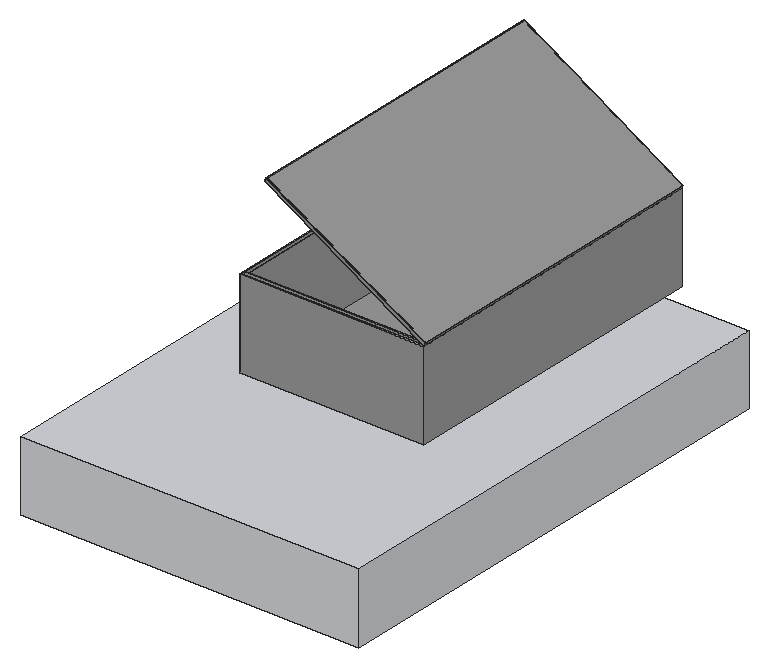
Revit family "Hager-Univers-IP55-D400-H1400-Cl.I-Steel_encl-CH-it", category Equipement électrique, Revit 2020
Family settings
  Hôte = Face
  Configuration du panneau = Deux colonnes, circuits au sein
  Cote de connecteur circulaire = Utiliser le diamètre
  Type d'élément = Tableau de raccordement
  Couper avec des vides une fois chargée = Non
  Partagée = Non
  Point de calcul de pièce = Non
Parameters (values of type "A parete IP55 L800 A1400 P400  - FR93G")
  Width Control [instance] = if([EF000008 - Larghezza] > Min Width, [EF000008 - Larghezza], Min Width)  # 800 mm
  Commentaires du type = [HG000003 - Gamma]  # "Univers"
  Thickness Door [instance] = if([EF009171 - spessore materiale porta/coperchio] > 3 mm, 3 mm, [EF009171 - spessore materiale porta/coperchio])  # 1.5 mm
  Seal Frame Offset [instance] = 17 mm  # constant formula
  Plinth Visibility [instance] = [HG000027 - Altezza dello zoccolo] > 0 mm  # no
  Model = ""
  Min Width [instance] = 100 mm  # constant formula
  Min Height [instance] = 100 mm  # constant formula
  Min Depth [instance] = (2 * [EF009170 - spessore materiale scatola]) + 1 mm  # 4 mm
  Internal Frame Depth [instance] = (Door System Depth * 0.5)  # 9 mm
  Height Control [instance] = if([EF000040 - Altezza] > Min Height, [EF000040 - Altezza], Min Height)  # 1400 mm
  HG000027 - Altezza dello zoccolo = 0 mm
  HG000026 - A pavimento = no
  HG000024 - Altezza della sezione inferiore = 800 mm
  HG000023 - Custodia a doppia sezione = no
  HG000016 - Visibilità delle porte nella vista 3D [instance] = yes
  HG000015 - Visibilità attraverso la porta [instance] = no
  HG000014 - Porta destra [instance] = yes
  HG000013 - Porta sinistra [instance] = not([HG000014 - Porta destra])  # no
  HG000012 - Angolo di apertura della porta [instance] = 30.00°
  HG000010 - Porte asimmetriche = no
  HG000009 - Porta doppia a battente = no
  HG000006 - Ad incasso = no
  HG000004 - Codice produttore = "FR93G"
  HG000003 - Gamma = "Univers"
  HG000002 - Con porta = yes
  Frame Offset Bottom [instance] = 10 mm  # constant formula
  Frame Offset [instance] = 15 mm  # constant formula
  EF015940 - Coprire con rilascio di sovrapressione = no
  EF011959 - tipo di protezione (NEMA) = ""
  EF009554 - numero delle aperture per la piastra della flangia = 6
  Fabricant = "Hager"  # constant formula
  EF009212 - esecuzione coperchio = "EV000116 - chiuso"
  EF009171 - spessore materiale porta/coperchio = 1.5 mm
  EF009170 - spessore materiale scatola = 1.5 mm
  EF008873 - corrente nominale (In) = 800 A
  EF007800 - adatto per parafulmine = no
  EF006306 - con serratura = no
  EF006244 - coperchio/porta trasparente = no
  EF005474 - grado di protezione (IP) = "EV006420 - IP55"
  EF004464 - tipo di porta = "EV002646 - singolo"
  EF004427 - numero di moduli = 324
  EF004293 - resistenza agli urti = "EV008784 - IK10"
  EF003532 - adatto per uso esterno = no
  EF002950 - Numero moduli DIN = 24
  EF001613 - Integrità del circuito = "EV000494 - senza"
  EF001596 - Attacco Lampada = "EV000179 - acciaio"
  EF001131 - profondità interna = 400 mm
  EF001088 - possibilità di applicazione = yes
  EF000437 - numero di ingressi per conduttori = 6
  EF000339 - tipo di copertura = "EV004216 - porta"
  EF000266 - numero di file = 9
  EF000218 - profondità di incasso = 0 mm
  EF000118 - con piastra di montaggio = no
  EF000116 - numero RAL = "7035"
  EF000049 - profondità = 400 mm
  EF000040 - Altezza = 1400 mm
  EF000008 - Larghezza = 800 mm
  EF000007 - colore = "EV000270 - grigio"
  EF000003 - Tipo di montaggio = "EV000384 - A parete"
  Door System Leaf Tolerance [instance] = 1.5 mm  # constant formula
  Door System Depth [instance] = 18 mm  # constant formula
  Door Height [instance] = Height Control - [HG000027 - Altezza dello zoccolo]  # 1400 mm
  Depth Control [instance] = if([EF000049 - profondità] > Min Depth, [EF000049 - profondità], Min Depth)  # 400 mm
  Default Elevation = 0 mm
  Connector Offset [instance] = Height Control / 2  # 700 mm
  Bottom Top Plate Trim [instance] = 1.5 mm  # constant formula
  Plinth height Ctrl [instance] = if([HG000027 - Altezza dello zoccolo] > 0 mm, [HG000027 - Altezza dello zoccolo], 12 mm)  # 12 mm
Types (3, lengths in mm): name | Width Control | HG000009 - Porta doppia a battente | HG000004 - Codice produttore | EF009554 - numero delle aperture per la piastra della flangia | EF004464 - tipo di porta | EF004427 - numero di moduli | EF000437 - numero di ingressi per conduttori | EF000008 - Larghezza
  A parete IP55 L1050 A1400 P400  - FR94G | 1050 | yes | "FR94G" | 8 | "EV003602 - doppio" | 432 | 8 | 1050
  A parete IP55 L550 A1400 P400  - FR92G | 550 | no | "FR92G" | 4 | "EV002646 - singolo" | 216 | 4 | 550
  A parete IP55 L800 A1400 P400  - FR93G | 800 | no | "FR93G" | 6 | "EV002646 - singolo" | 324 | 6 | 800
Reference planes
  plane 1 "Center (Front/Back)": y = 0
  plane 2: z = 0
  plane 3 "Center (Left/Right)": x = 0
  plane 4: z = 400
  plane 5: y = 1.5
  plane 6: y = 700
  plane 7: y = 0
  plane 8: y = 1400
  plane 9: z = 0
  plane 10: x = -385
  plane 11: x = 385
  plane 12: x = 383.5
  plane 13: x = -383.5
  plane 14: y = 1398.5
  plane 15: x = -383
  plane 16: x = -400
  plane 17: x = 383
  plane 18: x = 400
  plane 19: x = 398.5
  plane 20: x = -398.5
  plane 21: y = 11.5
  plane 22: y = 1400
  plane 23: y = 1383.5
  plane 24: z = 382
  plane 25: z = 1.5
  plane 26: z = 380.5
  plane 27: z = 398.5
Forms (mm)
  Extrusion 1, solid
    sketch origin (0, 0, 0) x (1, 0, 0) y (0, 1, 0)
      loop
        line (-702.964, 1305) -> (-702.964, -811.445) -> (766.763, -811.445) -> (766.763, 1305) -> (-702.964, 1305)
    from 0 to -304.8
  Extrusion 2, solid, material "Hager_Steel_RAL7035_Light_Grey", visible <- "Plinth Visibility", detail levels medium+fine
    sketch origin (0, 0, 0) x (1, 0, 0) y (0, 1, 0)
      loop
        line (-400, 0) -> (400, 0) -> (400, 12) -> (-400, 12) -> (-400, 0)
    from 0 to 382
  Extrusion 3, solid, material "Hager_Steel_RAL7035_Light_Grey", detail levels medium+fine
    sketch origin (0, 0, 0) x (1, 0, 0) y (0, 1, 0)
      loop
        line (-400, 0) -> (400, 0) -> (400, 1400) -> (-400, 1400) -> (-400, 0)
    from 0 to 382
  Extrusion 4, void
    sketch origin (0, 0, 0) x (1, 0, 0) y (0, 1, 0)
      loop
        line (-398.5, 1.5) -> (398.5, 1.5) -> (398.5, 1398.5) -> (-398.5, 1398.5) -> (-398.5, 1.5)
    from 1.5 to 380.5
  Extrusion 5, void
    sketch origin (-381.607, -4572, 382) x (0, -1, 0) y (-1, 0, 0)
      loop
        line (-4583.5, 1.893) -> (-5955.5, 1.893) -> (-5955.5, -765.107) -> (-4583.5, -765.107) -> (-4583.5, 1.893)
    from 0 to 1.5 <- "EF009170 - spessore materiale scatola"
  Extrusion 6, solid, material "Hager_Steel_RAL7035_Light_Grey", detail levels fine
    sketch origin (0, 0, 382) x (1, 0, 0) y (0, 1, 0)
      loop
        line (-383.5, 1383.5) -> (-383.5, 11.5) -> (383.5, 11.5) -> (383.5, 1383.5) -> (-383.5, 1383.5)
      loop
        line (-385, 10) -> (385, 10) -> (385, 1385) -> (-385, 1385) -> (-385, 10)
    from 0 to 9 <- "Internal Frame Depth"
  Extrusion 7, solid, material "Hager_Steel_RAL7035_Light_Grey", detail levels coarse
    sketch origin (0, 0, 0) x (1, 0, 0) y (0, 1, 0)
      loop
        line (-400, 0) -> (400, 0) -> (400, 1400) -> (-400, 1400) -> (-400, 0)
    from 0 to 400
  Sweep 8, void
    path in 3D
      loop
        line (-400, 12, 0) -> (400, 12, 0) -> (400, 12, 382) -> (-400, 12, 382) -> (-400, 12, 0)
    profile origin (-400, 12, 191) x (-1, 0, 0) y (0, -1, 0)
      loop
        line (0, 0) -> (0, 1.5) -> (-1.5, 1.5)
        arc (-1.5, 1.5) -> (-1.061, 0.439) -> (0, 0) r 1.5
Cuts and joins
  Extrusion 4, Extrusion 5 cuts Extrusion 3
  Sweep 8 cuts Extrusion 2
Lines and regions (mm)
  Masking region 1
    outline origin (0, 0, 0) x (1, 0, 0) y (0, 0, 1)
      loop
        line (-400, 400) -> (-400, 0) -> (400, 0) -> (400, 400) -> (-400, 400)
  Masking region 2, detail levels medium+fine
    outline origin (0, 140, 0) x (0, 1, 0) y (0, 0, 1)
      loop
        line (-140, 0) -> (1260, 0) -> (1260, 382) -> (-140, 382) -> (-140, 0)
  Masking region 3, not visible, detail levels medium+fine
    outline origin (0, 297.922, 0) x (0, 1, 0) y (0, 0, 1)
      loop
        line (413.578, 0) -> (453.578, 0) -> (453.578, 388.5)
        arc (453.578, 388.5) -> (450.649, 395.571) -> (443.578, 398.5) r 10
        line (443.578, 398.5) -> (413.578, 398.5) -> (413.578, 0)
  Masking region 4, detail levels coarse
    outline origin (0, 0, 180) x (0, 1, 0) y (0, 0, 1)
      loop
        line (0, -180) -> (1400, -180) -> (1400, 220) -> (0, 220) -> (0, -180)
  Masking region 5, visible <- "Plinth Visibility", detail levels medium+fine
    outline origin (0, 52.24, 12.345) x (0, 0, -1) y (0, 1, 0)
      loop
        line (10.845, -40.24) -> (-368.155, -40.24)
        arc (-368.155, -40.24) -> (-368.594, -41.301) -> (-369.655, -41.74) r 1.5
        line (-369.655, -41.74) -> (-369.655, -52.24) -> (12.345, -52.24) -> (12.345, -41.74)
        arc (12.345, -41.74) -> (11.285, -41.301) -> (10.845, -40.24) r 1.5
  Masking region 6, detail levels medium+fine
    outline origin (-381.607, -4572, 382) x (-1, 0, 0) y (0, -1, 0)
      loop
        line (18.393, -5972) -> (18.393, -4572) -> (-781.607, -4572) -> (-781.607, -5972) -> (18.393, -5972)
  Masking region 7, visible <- "Plinth Visibility", detail levels medium+fine
    outline origin (-381.607, -4727, 382) x (-1, 0, 0) y (0, -1, 0)
      loop
        arc (16.893, -4739) -> (17.332, -4737.939) -> (18.393, -4737.5) r 1.5
        line (18.393, -4737.5) -> (18.393, -4727) -> (-781.607, -4727) -> (-781.607, -4737.5)
        arc (-781.607, -4737.5) -> (-780.546, -4737.939) -> (-780.107, -4739) r 1.5
        line (-780.107, -4739) -> (16.893, -4739)
  Masking region 8, detail levels coarse
    outline origin (-442.548, -4669.526, 382) x (-1, 0, 0) y (0, -1, 0)
      loop
        line (-42.548, -6069.526) -> (-42.548, -4669.526) -> (-842.548, -4669.526) -> (-842.548, -6069.526) -> (-42.548, -6069.526)
  sketch lines
    curve 1: line (-400, 12, 382) -> (-400, 12, 0)
    curve 2: line (400, 12, 382) -> (-400, 12, 382)
    curve 3: line (400, 12, 382) -> (400, 12, 0)
    curve 4: line (-400, 12, 0) -> (400, 12, 0)
Dimensions and locks
  "Depth Control": plane 4 to Extrusion 1
  "HG000027 - Altezza dello zoccolo": plane 1 "Center (Front/Back)" to plane 7
  "EF009170 - spessore materiale scatola": plane 5 to plane 7
  locked: connector elem to plane 3 "Center (Left/Right)"
  equal spacing: plane 8, plane 6, plane 7
  locked: connector elem to plane 6
  "EF009170 - spessore materiale scatola": plane 8 to plane 14
  "EF009170 - spessore materiale scatola": plane 10 to plane 13
  "EF009170 - spessore materiale scatola": plane 12 to plane 11
  "Frame Offset": plane 20 to plane 13
  "Frame Offset": plane 12 to plane 19
  "EF009170 - spessore materiale scatola": plane 16 to plane 20
  "EF009170 - spessore materiale scatola": plane 19 to plane 18
  "Seal Frame Offset": plane 16 to plane 15
  "Seal Frame Offset": plane 17 to plane 18
  "Frame Offset Bottom": plane 21 to plane 5
  "Frame Offset": plane 14 to plane 23
  equal spacing: plane 16, plane 3 "Center (Left/Right)", plane 18
  "Width Control": plane 16 to plane 18
  "EF009170 - spessore materiale scatola": plane 4 to plane 27
  "EF009170 - spessore materiale scatola": plane 24 to plane 26
  "EF009170 - spessore materiale scatola": plane 25 to level
  "Door System Depth": plane 4 to plane 24
  "Height Control": plane 1 "Center (Front/Back)" to Extrusion 7 sketch curve
  "Height Control": Masking region 4 sketch curve to plane 1 "Center (Front/Back)"
  "Height Control": plane 1 "Center (Front/Back)" to plane 22
  "Bottom Top Plate Trim": profile plane to Sweep 8 sketch curve
  "Bottom Top Plate Trim": Sweep 8 sketch curve to profile plane
  "Plinth height Ctrl": plane 1 "Center (Front/Back)" to Extrusion 2 sketch curve
  "Plinth height Ctrl": Masking region 5 sketch curve to plane 1 "Center (Front/Back)"
  "Plinth height Ctrl": plane 1 "Center (Front/Back)" to Masking region 7 sketch curve
  "Thickness Door": Extrusion 6 sketch curve to Extrusion 6 sketch curve  (x3)
  "Thickness Door": cut or joined group of Extrusion 3, Extrusion 4, Extrusion 5 to Extrusion 6 sketch curve
  radius of Masking region 3 sketch curve = 10 mm
  "Bottom Top Plate Trim": radius of Masking region 5 sketch curve  (x2)
  "Bottom Top Plate Trim": radius of Sweep 8 sketch curve
  "Bottom Top Plate Trim": radius of Masking region 7 sketch curve  (x2)
  aligned and locked: plane 2 to Extrusion 1
  aligned and locked: level to Extrusion 1
  aligned and locked: level to Masking region 1 sketch curve
  aligned and locked: Masking region 1 sketch curve to plane 18
  aligned and locked: Masking region 1 sketch curve to plane 16
  aligned and locked: plane 7 to Masking region 2 sketch curve
  aligned and locked: level to Masking region 3 sketch curve
  aligned and locked: Masking region 3 sketch curve to plane 27
  aligned and locked: level to Masking region 2 sketch curve
  aligned and locked: plane 1 "Center (Front/Back)" to Extrusion 2 sketch curve
  aligned and locked: Extrusion 3 sketch curve to plane 7
  aligned and locked: plane 16 to Extrusion 3 sketch curve
  aligned and locked: plane 18 to Extrusion 3 sketch curve
  aligned and locked: plane 20 to Extrusion 4 sketch curve
  aligned and locked: plane 19 to Extrusion 4 sketch curve
  aligned and locked: Extrusion 4 sketch curve to plane 5
  aligned and locked: Extrusion 4 to plane 25
  aligned and locked: plane 26 to Extrusion 4
  aligned and locked: plane 24 to Extrusion 3
  aligned and locked: Extrusion 5 sketch curve to plane 21
  aligned and locked: Extrusion 5 sketch curve to plane 13
  aligned and locked: Extrusion 5 sketch curve to plane 12
  aligned and locked: plane 18 to Extrusion 7 sketch curve
  aligned and locked: plane 1 "Center (Front/Back)" to Extrusion 7 sketch curve
  aligned and locked: plane 16 to Extrusion 7 sketch curve
  aligned and locked: plane 4 to Extrusion 7
  aligned and locked: Extrusion 7 to level
  aligned and locked: level to Masking region 4 sketch curve
  aligned and locked: Masking region 4 sketch curve to plane 1 "Center (Front/Back)"
  aligned and locked: Masking region 4 sketch curve to plane 4
  aligned and locked: nested 1 to level
  aligned and locked: nested 1 to plane 16
  aligned and locked: plane 8 to Extrusion 3 sketch curve
  aligned and locked: plane 23 to Extrusion 5 sketch curve
  aligned and locked: plane 14 to Extrusion 4 sketch curve
  aligned and locked: Masking region 2 sketch curve to plane 8
  aligned and locked: level to Masking region 5 sketch curve
  aligned and locked: plane 16 to Extrusion 2 sketch curve
  aligned and locked: plane 18 to Extrusion 2 sketch curve
  aligned and locked: Masking region 5 sketch curve to plane 24
  aligned and locked: Masking region 2 sketch curve to plane 24
  aligned and locked: plane 24 to Extrusion 2
  aligned and locked: profile plane to Sweep 8 sketch curve  (x2)
  aligned and locked: Masking region 6 sketch curve to plane 18
  aligned and locked: Masking region 6 sketch curve to plane 22
  aligned and locked: Masking region 6 sketch curve to plane 16
  aligned and locked: plane 8 to plane 22
  aligned and locked: Masking region 6 sketch curve to plane 7
  aligned and locked: Masking region 7 sketch curve to plane 16
  aligned and locked: Masking region 7 sketch curve to plane 1 "Center (Front/Back)"
  aligned and locked: Masking region 7 sketch curve to plane 18
  aligned and locked: Masking region 8 sketch curve to plane 1 "Center (Front/Back)"
  aligned and locked: Masking region 8 sketch curve to plane 18
  aligned and locked: Masking region 8 sketch curve to plane 22
  aligned and locked: Masking region 8 sketch curve to plane 16
  aligned and locked: nested 2 to plane 7
  aligned and locked: plane 3 "Center (Left/Right)" to nested 2
  aligned and locked: nested 2 to plane 24
  aligned and locked: Extrusion 6 sketch curve to cut or joined group of Extrusion 3, Extrusion 4, Extrusion 5  (x4)
Automatic sketch dimensions
  Extrusion 1 sketch curve to Extrusion 1 sketch curve = 1469.727 mm
  Extrusion 1 sketch curve to Extrusion 1 sketch curve = 2116.445 mm
  Masking region 1 sketch curve to plane 4 = 0 mm
  plane 6 to Masking region 3 sketch curve = 11.5 mm
  Masking region 3 sketch curve to Masking region 3 sketch curve = 30 mm
  Masking region 5 sketch curve to plane 1 "Center (Front/Back)" = 0 mm
Nested families
  nested 1: "Hager_Enclosure_Symbol" at (-400, 0, 0) x (1, 0, 0) z (0, -1, 0), Height <- "Depth Control", Width <- "Width Control", type "Hager_Enclosure_Symbol"
    with Width_Ctrl 800 mm, Width 800 mm, Height_Ctrl 400 mm, Height 400 mm, A_Width_Int 26.25 mm, A_Width 315 mm, A_Height_Ctrl 350 mm, A_Height 350 mm
  nested 2: "EC000058_Univers_Door" at (0, 0, 382) x (1, 0, 0) z (0, 1, 0), Leaf_Tolerance <- "Door System Leaf Tolerance", Angle <- "HG000012 - Angolo di apertura della porta", Door_Depth <- "Door System Depth", Door_Left <- "HG000013 - Porta sinistra", Transparent <- "EF006244 - coperchio/porta trasparente", Assymetrical <- "HG000010 - Porte asimmetriche", Width <- "Width Control", Clearance <- "HG000015 - Visibilità attraverso la porta", Double <- "HG000009 - Porta doppia a battente", 3d_Door <- "HG000016 - Visibilità delle porte nella vista 3D", Lock_Visibility <- "EF006306 - con serratura", Width_Ctrl <- "Width Control", Door_Right <- "HG000014 - Porta destra", Door <- "HG000002 - Con porta", Height <- "Door Height", Thickness <- "Thickness Door", type "EC000058_Univers_Door", detail levels medium+fine
    with min_wh 4 mm, Width_Ctrl 800 mm, Width 800 mm, Transparent no, Thickness 1.5 mm, Seal_Material Hager_Rubber, Lock_Visibility no, Lock_Material Hager_Plastic_RAL9005_Jet_Black, Leaf_Width 800 mm, Leaf_Tolerance_External_Sides 0 mm, Leaf_Tolerance 1.5 mm, Leaf_Offset 0 mm, Leaf_Height 1397 mm, Leaf_2_Width 800 mm, Leaf_2_Offset 400 mm, Leaf_1_Width 800 mm, Leaf_1_Offset 400 mm, Height_Ctrl 1400 mm, Height 1400 mm, Glass_Material Hager_Glass, Double_Clearance_Ctrl no, Double no, Door_Right_Ctrl yes, Door_Right yes, Door_Material Hager_Steel_RAL7035_Light_Grey, Door_Left_Ctrl no, Door_Left no, Door_Depth 18 mm, Door yes, Clearance_Material Hager_Clearance, Clearance_Depth 800 mm, Clearance_Ctrl no, Clearance no, Assymetrical no, Angle 30.00°, 3d_Door yes
Connectors
  electrical at (0, 700, 0)
    settings: on plane 9, index 1, voltage 0 V, apparent load 0 VA, apparent load phase1 0 VA, apparent load phase2 0 VA, apparent load phase3 0 VA, power factor 1, load classification "Other", number of poles 1, system type 30, power factor state 1, is connector primary yes, connector utility no, sub classification motor no, connector description ""
Definition of nested family "EC000058_Univers_Door"
  Parameters (values of type "EC000058_Univers_Door")
    min_wh [instance] = (2 * Thickness) + 1 mm  # 11 mm
    Width_Ctrl [instance] = 400 mm
    Width [instance] = 500 mm
    Transparent [instance] = yes
    Thickness [instance] = 5 mm
    Seal_Material [instance] = none
    Lock_Visibility [instance] = yes
    Lock_Material [instance] = none
    Leaf_Width [instance] = if((Width_Ctrl - 2 * Leaf_Tolerance_External_Sides) > 0 mm, (Width_Ctrl - 2 * Leaf_Tolerance_External_Sides), min_wh)  # 400 mm
    Leaf_Tolerance_External_Sides [instance] = 0 mm  # constant formula
    Leaf_Tolerance [instance] = 1.5 mm
    Leaf_Offset [instance] = 0 mm  # constant formula
    Leaf_Height [instance] = if((Height_Ctrl - 2 * Leaf_Tolerance) > 0 mm, (Height_Ctrl - 2 * Leaf_Tolerance), min_wh)  # 497 mm
    Leaf_2_Width [instance] = if(and(and(Double, Assymetrical), Door_Left), (Leaf_Width / 3) - (Leaf_Tolerance / 2), if(and(and(Double, Assymetrical), Door_Right), (Leaf_Width / 3) * 2 - (Leaf_Tolerance / 2), if(and(Double, not(Assymetrical)), (Leaf_Width / 2) - Leaf_Tolerance, Leaf_Width)))  # 400 mm
    Leaf_2_Offset [instance] = if(and(Double, Assymetrical), Leaf_2_Width / 2, if(and(Double, not(Assymetrical)), Leaf_Width / 4, Leaf_Width / 2))  # 200 mm
    Leaf_1_Width [instance] = if(and(and(Double, Assymetrical), Door_Right), (Leaf_Width / 3) - (Leaf_Tolerance / 2), if(and(and(Double, Assymetrical), Door_Left), (Width / 3) * 2 - (Leaf_Tolerance / 2), if(and(Double, not(Assymetrical)), (Leaf_Width / 2) - Leaf_Tolerance, Leaf_Width)))  # 400 mm
    Leaf_1_Offset [instance] = if(and(Double, Assymetrical), Leaf_1_Width / 2, if(and(Double, not(Assymetrical)), Leaf_Width / 4, Leaf_Width / 2))  # 200 mm
    Height_Ctrl [instance] = if(Height > min_wh, Height, min_wh)  # 500 mm
    Height [instance] = 500 mm
    Glass_Material [instance] = none
    Double_Clearance_Ctrl [instance] = and(Double, Clearance)  # no
    Double [instance] = no
    Door_Right_Ctrl [instance] = and(or(Door_Right, Double), Door)  # yes
    Door_Right [instance] = yes
    Door_Material [instance] = none
    Door_Left_Ctrl [instance] = and(or(Door_Left, Double), Door)  # no
    Door_Left [instance] = no
    Door_Depth [instance] = 30 mm
    Door [instance] = yes
    Default Elevation = 1219.2 mm
    Clearance_Material [instance] = none
    Clearance_Depth [instance] = if(Leaf_1_Width > Leaf_2_Width, Leaf_1_Width, Leaf_2_Width)  # 400 mm
    Clearance_Ctrl [instance] = and(not(Double), Clearance)  # yes
    Clearance [instance] = yes
    Assymetrical [instance] = yes
    Angle [instance] = 30.00°
    3d_Door [instance] = yes
  Reference planes
    plane 1 "Center (Front/Back)": y = 0
    plane 2 "Bottom": z = 0
    plane 3 "Center (Left/Right)": x = 0
    plane 4: z = 500
    plane 5: x = -200
    plane 6: x = 200
    plane 7: z = 500
    plane 8: x = -200
    plane 9: z = 0
    plane 10: x = 200
    plane 11: y = 0
    plane 12: z = 1.5
    plane 13: x = -600
    plane 14: y = -400
    plane 15: x = 600
    plane 16: x = 0
    plane 17: x = 0
    plane 18: x = -200
    plane 19: x = 200
    plane 20: z = 498.5
  Forms (mm)
    Extrusion 1, solid, material <- "Clearance_Material", visible <- "Double_Clearance_Ctrl"
      sketch origin (1200, 0, 0) x (1, 0, 0) y (0, 0, -1)
        loop
          line (-1800, -498.5) -> (-600, -498.5) -> (-600, 0) -> (-1800, 0) -> (-1800, -498.5)
      from 0 to -400
  Dimensions and locks
    equal spacing: plane 5, plane 3 "Center (Left/Right)", plane 6
    "Width_Ctrl": plane 5 to plane 6
    "Leaf_Offset": plane 5 to plane 8
    "Leaf_Offset": plane 6 to plane 10
    "Leaf_Offset": plane 9 to level
    "Leaf_Offset": plane 4 to plane 7
    "Height_Ctrl": plane 4 to level
    "Leaf_Tolerance": plane 12 to plane 9
    locked: plane 11 to plane 1 "Center (Front/Back)"
    "Leaf_1_Offset": plane 18 to plane 16
    "Leaf_2_Offset": plane 17 to plane 19
    "Leaf_1_Width": plane 13 to plane 8
    "Leaf_2_Width": plane 10 to plane 15
    "Clearance_Depth": plane 14 to plane 1 "Center (Front/Back)"
    "Leaf_Tolerance_External_Sides": plane 8 to plane 18
    "Leaf_Tolerance_External_Sides": plane 19 to plane 10
    "Leaf_Tolerance": plane 7 to plane 20
    aligned and locked: level to plane 2 "Bottom"
    aligned and locked: nested 1 to plane 16
    aligned and locked: nested 2 to plane 17
    aligned and locked: Extrusion 1 to plane 13
    aligned and locked: plane 15 to Extrusion 1
    aligned and locked: Extrusion 1 to plane 14
    aligned and locked: plane 12 to nested 1
    aligned and locked: nested 2 to plane 12
    aligned and locked: Extrusion 1 to plane 11
    aligned and locked: plane 20 to Extrusion 1
    aligned and locked: nested 2 to plane 11
    aligned and locked: nested 1 to plane 11
  Automatic sketch dimensions
    Extrusion 1 sketch curve to level = 0 mm
    plane 5 to Extrusion 1 sketch curve = 400 mm
    plane 6 to Extrusion 1 sketch curve = 400 mm
    Extrusion 1 sketch curve to plane 4 = 1.5 mm
  Nested families
    nested 1: "EC000058_Univers_Door_Leaf" at (0, 0, 1.5), Width <- "Leaf_1_Width", visible <- "Door_Left_Ctrl", Leaf_Height <- "Leaf_Height", Angle <- "Angle", 3d_Door <- "3d_Door", Transparent <- "Transparent", Clearance Material <- "Clearance_Material", Clearance <- "Clearance_Ctrl", Door_Material <- "Door_Material", Glass_Material <- "Glass_Material", Door_Depth <- "Door_Depth", Lock_Material <- "Lock_Material", Seal_Material <- "Seal_Material", Lock_Visibility <- "Lock_Visibility", Thickness <- "Thickness", type "EC000058_Univers_Door_Leaf"
      with Width 400 mm, Transparent_Glass_Offset 30 mm, Transparent_Ctrl yes, Transparent yes, Thickness 5 mm, Standard no, Seal_Material none, Seal_D2 8 mm, Seal_D1 1 mm, Offset_Internal_Frame 10 mm, Lock_Width 20 mm, Lock_Visibility_3d yes, Lock_Visibility yes, Lock_Thickness_3 3 mm, Lock_Thickness_2 1 mm, Lock_Thickness_1 3 mm, Lock_Radius_Offset_2 16 mm, Lock_Radius_Offset_1 15 mm, Lock_Radius_2 5 mm, Lock_Radius 6 mm, Lock_Offset 5 mm, Lock_Material none, Lock_Height 80 mm, Lock_Cover_Top_Offset_2d 17 mm, Lock_Cover_Height -65 mm, Leaf_Height 497 mm, Internal_Seal_Thickness 8 mm, Internal_Seal_Depth_2 4.5 mm, Internal_Frame_Depth 25 mm, Glass_Thickness -1 mm, Glass_Offset -2 mm, Glass_Material none, Door_Material none, Door_Depth 30 mm, Clearance Material none, Clearance yes, Angle_Ctrl 30.00°, Angle 30.00°, 3d_Door yes
    nested 2: "EC000058_Univers_Door_Leaf" at (0, 0, 1.5) x (-1, 0, 0) z (0, 0, 1), Width <- "Leaf_2_Width", visible <- "Door_Right_Ctrl", Leaf_Height <- "Leaf_Height", Angle <- "Angle", 3d_Door <- "3d_Door", Transparent <- "Transparent", Clearance Material <- "Clearance_Material", Clearance <- "Clearance_Ctrl", Door_Material <- "Door_Material", Glass_Material <- "Glass_Material", Door_Depth <- "Door_Depth", Lock_Material <- "Lock_Material", Seal_Material <- "Seal_Material", Lock_Visibility <- "Lock_Visibility", Thickness <- "Thickness", type "EC000058_Univers_Door_Leaf"
      with Width 400 mm, Transparent_Glass_Offset 30 mm, Transparent_Ctrl yes, Transparent yes, Thickness 5 mm, Standard no, Seal_Material none, Seal_D2 8 mm, Seal_D1 1 mm, Offset_Internal_Frame 10 mm, Lock_Width 20 mm, Lock_Visibility_3d yes, Lock_Visibility yes, Lock_Thickness_3 3 mm, Lock_Thickness_2 1 mm, Lock_Thickness_1 3 mm, Lock_Radius_Offset_2 16 mm, Lock_Radius_Offset_1 15 mm, Lock_Radius_2 5 mm, Lock_Radius 6 mm, Lock_Offset 5 mm, Lock_Material none, Lock_Height 80 mm, Lock_Cover_Top_Offset_2d 17 mm, Lock_Cover_Height -65 mm, Leaf_Height 497 mm, Internal_Seal_Thickness 8 mm, Internal_Seal_Depth_2 4.5 mm, Internal_Frame_Depth 25 mm, Glass_Thickness -1 mm, Glass_Offset -2 mm, Glass_Material none, Door_Material none, Door_Depth 30 mm, Clearance Material none, Clearance yes, Angle_Ctrl 30.00°, Angle 30.00°, 3d_Door yes
  Definition of nested family "EC000058_Univers_Door_Leaf"
    Parameters (values of type "EC000058_Univers_Door_Leaf")
      Width [instance] = 2000 mm
      Transparent_Glass_Offset [instance] = 30 mm
      Transparent_Ctrl [instance] = and(Transparent, [3d_Door])  # yes
      Transparent [instance] = yes
      Thickness [instance] = 5 mm
      Standard [instance] = and(not(Transparent), [3d_Door])  # no
      Seal_Material [instance] = none
      Seal_D2 [instance] = 8 mm  # constant formula
      Seal_D1 [instance] = 1 mm  # constant formula
      Offset_Internal_Frame [instance] = 10 mm  # constant formula
      Lock_Width [instance] = 20 mm  # constant formula
      Lock_Visibility_3d [instance] = and(Lock_Visibility, [3d_Door])  # yes
      Lock_Visibility [instance] = yes
      Lock_Thickness_3 [instance] = 3 mm  # constant formula
      Lock_Thickness_2 [instance] = 1 mm  # constant formula
      Lock_Thickness_1 [instance] = 3 mm  # constant formula
      Lock_Radius_Offset_2 [instance] = Lock_Radius_Offset_1 + 1 mm  # 16 mm
      Lock_Radius_Offset_1 [instance] = 15 mm  # constant formula
      Lock_Radius_2 [instance] = Lock_Radius - 1 mm  # 5 mm
      Lock_Radius [instance] = 6 mm  # constant formula
      Lock_Offset [instance] = 5 mm  # constant formula
      Lock_Material [instance] = none
      Lock_Height [instance] = 80 mm  # constant formula
      Lock_Cover_Top_Offset_2d [instance] = Lock_Radius_Offset_2 + 1 mm  # 17 mm
      Lock_Cover_Height [instance] = -(Lock_Height - Lock_Radius_Offset_1)  # -65 mm
      Leaf_Height [instance] = 2720.336 mm
      Internal_Seal_Thickness [instance] = 8 mm  # constant formula
      Internal_Seal_Depth_2 [instance] = 4.5 mm  # constant formula
      Internal_Frame_Depth [instance] = if(Door_Depth - Thickness > 5 mm, Door_Depth - Thickness, 5 mm)  # 25 mm
      Glass_Thickness [instance] = if(Thickness > 15 mm, Glass_Offset + 10 mm, -1 mm)  # -1 mm
      Glass_Offset [instance] = if(Thickness > 15 mm, -(Thickness + 10 mm) / 2, -2 mm)  # -2 mm
      Glass_Material [instance] = none
      Door_Material [instance] = none
      Door_Depth [instance] = 30 mm
      Default Elevation = 0 mm
      Clearance Material [instance] = none
      Clearance [instance] = yes
      Angle_Ctrl [instance] = if(Angle > 180.00°, 180.00°, Angle)  # 90.00°
      Angle [instance] = 90.00°
      3d_Door [instance] = yes
    Reference planes
      plane 1 "Center (Front/Back)": y = 0
      plane 2: z = 0
      plane 3 "Center (Left/Right)": x = 0
      plane 4: y = 2000
      plane 5: x = -1000
      plane 6: x = 1000
      plane 7: x = -3000
      plane 8: z = 2720.336
      plane 9: z = 30
      plane 10: z = 2690.336
      plane 11: x = 970
      plane 12: x = -970
      plane 13: y = -3
      plane 14: z = 107.833
      plane 15: y = -5
      plane 16: y = -223.314
      plane 17: x = -1000
      plane 18: z = 1360.168
      plane 19: y = 30
    Forms (mm)
      Extrusion 1, solid, material <- "Clearance Material", visible <- "Clearance"
        sketch origin (0, 0, 0) x (1, 0, 0) y (0, 0, 1)
          loop
            line (-3000, 2720.336) -> (-3000, 0) -> (1000, 0) -> (1000, 2720.336) -> (-3000, 2720.336)
        from 0 to -2000
      Extrusion 2, solid, material <- "Door_Material", visible <- "Standard", detail levels medium+fine
        sketch origin (-1000, 0, 0) x (0, 1, 0) y (-1, 0, 0)
          loop
            line (0, 30) -> (0, 25) -> (2000, 25) -> (2000, 30) -> (0, 30)
        from 0 to 2720.336 <- "Leaf_Height"
      Extrusion 3, solid, material <- "Door_Material", visible <- "Transparent_Ctrl", detail levels medium+fine
        sketch origin (-1000, 0, 0) x (0, 1, 0) y (-1, 0, 0)
          loop
            line (0, 25) -> (2000, 25) -> (2000, 30) -> (0, 30) -> (0, 25)
        from 0 to 2720.336 <- "Leaf_Height"
      Extrusion 4, void
        sketch origin (-1025, 2000, 0) x (0, 1, 0) y (0, 0, -1)
          loop
            line (-30, -2690.336) -> (-30, -30) -> (-1970, -30) -> (-1970, -2690.336) -> (-30, -2690.336)
        from 0 to 5 <- "Thickness"
      Sweep 5, solid, material <- "Seal_Material", visible <- "Transparent_Ctrl", detail levels fine
        path in 3D
          loop
            line (-1025, 30, 30) -> (-1025, 30, 2690.336) -> (-1025, 1970, 2690.336) -> (-1025, 1970, 30) -> (-1025, 30, 30)
        profile origin (-1025, 1000, 30) x (1, 0, 0) y (0, 0, 1)
          loop
            line (0, 0) -> (0, -8) -> (1, -8) -> (1, 0) -> (0, 0)
      Extrusion 6, solid, material <- "Glass_Material", visible <- "Transparent_Ctrl", detail levels medium+fine
        sketch origin (-1030, 0, 0) x (0, 1, 0) y (0, 0, -1)
          loop
            line (1970, -2690.336) -> (1970, -30) -> (30, -30) -> (30, -2690.336) -> (1970, -2690.336)
        from -2 <- "Glass_Offset" to -1 <- "Glass_Thickness"
      Extrusion 7, solid, material <- "Door_Material", visible <- "3d_Door", detail levels medium+fine
        sketch origin (-1025, 2000, 0) x (0, -1, 0) y (0, 0, -1)
          loop
            line (0, -2720.336) -> (2000, -2720.336) -> (2000, 0) -> (0, 0) -> (0, -2720.336)
          loop
            line (1995, -5) -> (5, -5) -> (5, -2715.336) -> (1995, -2715.336) -> (1995, -5)
        from 0 to 25 <- "Internal_Frame_Depth"
      Sweep 8, solid, material <- "Seal_Material", visible <- "Transparent_Ctrl", detail levels fine
        path in 3D
          loop
            line (-1025, 0, 0) -> (-1025, 2000, 0) -> (-1025, 2000, 2720.336) -> (-1025, 0, 2720.336) -> (-1025, 0, 0)
        profile origin (-1025, 0, 1360.168) x (1, 0, 0) y (0, 1, 0)
          loop
            line (0, 10) -> (2.975, 10)
            arc (2.975, 10) -> (4.053, 10.447) -> (4.5, 11.525) r 1.525
            line (4.5, 11.525) -> (4.5, 16.527)
            arc (4.5, 16.527) -> (4.069, 17.569) -> (3.027, 18) r 1.473
            line (3.027, 18) -> (0, 18) -> (0, 10)
      Extrusion 9, solid, material <- "Lock_Material", visible <- "Lock_Visibility_3d", detail levels fine
        sketch origin (-1030, 0, 0) x (0, 1, 0) y (0, 0, -1)
          loop
            arc (1993.5, -1400.168) -> (1994.561, -1399.729) -> (1995, -1398.668) r 1.5
            line (1995, -1398.668) -> (1995, -1320.168) -> (1975, -1320.168) -> (1975, -1398.668)
            arc (1975, -1398.668) -> (1975.439, -1399.729) -> (1976.5, -1400.168) r 1.5
            line (1976.5, -1400.168) -> (1993.5, -1400.168)
        from 3 <- "Lock_Thickness_1" to 0
      Blend 10, solid, material <- "Lock_Material", visible <- "Lock_Visibility_3d", detail levels fine
        base sketch origin (-1033, 0, 0) x (0, 1, 0) y (0, 0, -1)
          loop
            line (1975, -1320.168) -> (1975, -1398.668)
            arc (1975, -1398.668) -> (1975.439, -1399.729) -> (1976.5, -1400.168) r 1.5
            line (1976.5, -1400.168) -> (1993.5, -1400.168)
            arc (1993.5, -1400.168) -> (1994.561, -1399.729) -> (1995, -1398.668) r 1.5
            line (1995, -1398.668) -> (1995, -1320.168) -> (1975, -1320.168)
        top sketch origin (-1033, 0, 0) x (0, 1, 0) y (0, 0, -1)
          loop
            line (1976, -1320.168) -> (1976, -1398.668)
            arc (1976, -1398.668) -> (1976.146, -1399.022) -> (1976.5, -1399.168) r 0.5
            line (1976.5, -1399.168) -> (1993.5, -1399.168)
            arc (1993.5, -1399.168) -> (1993.854, -1399.022) -> (1994, -1398.668) r 0.5
            line (1994, -1398.668) -> (1994, -1320.168) -> (1976, -1320.168)
        from 0 to 1 <- "Lock_Thickness_2"
      Blend 11, solid, material <- "Lock_Material", visible <- "Lock_Visibility_3d", detail levels fine
        base sketch origin (-1034, 0, 0) x (0, 1, 0) y (0, 0, -1)
          loop
            line (1978, -1320.168) -> (1978, -1384.168)
            arc (1978, -1384.168) -> (1985, -1391.168) -> (1992, -1384.168) r 7
            line (1992, -1384.168) -> (1992, -1320.168) -> (1978, -1320.168)
        top sketch origin (-1034, 0, 0) x (0, 1, 0) y (0, 0, -1)
          loop
            line (1991, -1320.168) -> (1979, -1320.168) -> (1979, -1383.168)
            arc (1979, -1383.168) -> (1985, -1389.168) -> (1991, -1383.168) r 6
            line (1991, -1383.168) -> (1991, -1320.168)
        from 0 to 3 <- "Lock_Thickness_3"
      Extrusion 12, solid, material <- "Lock_Material", visible <- "Lock_Visibility_3d", detail levels fine
        sketch origin (-1030, 1975, 1320.168) x (1, 0, 0) y (0, -1, 0)
          loop
            line (-7, -19) -> (-7, -1) -> (0, -1) -> (0, 0) -> (-8, 0) -> (-8, -20) -> (0, -20) -> (0, -19) -> (-7, -19)
        from 0 to -65 <- "Lock_Cover_Height"
      Extrusion 13, void
        sketch origin (-1038, 1995, 1320.168) x (-1, 0, 0) y (0, 0, -1)
          loop
            line (-5, -65) -> (0, -65) -> (-5, -60) -> (-5, -65)
        from 0 to 20 <- "Lock_Width"
      Extrusion 14, void
        sketch origin (-1038, 1975, 1320.168) x (0, -1, 0) y (0, 0, -1)
          loop
            circle (-10, -15.995) r 6
          loop
            circle (-10, -15.995) r 5
        from 0 to 2
      Extrusion 15, solid, material <- "Lock_Material", visible <- "Lock_Visibility_3d", detail levels medium
        sketch origin (-1030, 0, 0) x (0, 1, 0) y (0, 0, -1)
          loop
            arc (1993.5, -1400.168) -> (1994.561, -1399.729) -> (1995, -1398.668) r 1.5
            line (1995, -1398.668) -> (1995, -1320.168) -> (1975, -1320.168) -> (1975, -1398.668)
            arc (1975, -1398.668) -> (1975.439, -1399.729) -> (1976.5, -1400.168) r 1.5
            line (1976.5, -1400.168) -> (1993.5, -1400.168)
        from 8 to 0
    Cuts and joins
      Extrusion 4 cuts Extrusion 3
      Extrusion 13, Extrusion 14 cuts Extrusion 9
      Extrusion 14 cuts Blend 11
      Extrusion 13, Extrusion 14 cuts Extrusion 12
      joined: Extrusion 9, Blend 10, Blend 11, Extrusion 12
      Extrusion 14 cuts Extrusion 15
    Lines and regions (mm)
      Masking region 1, visible <- "Lock_Visibility", detail levels fine
        outline origin (0, 0, 0) x (0, 1, 0) y (0, 0, 1)
          loop
            line (30, 1320.168) -> (33, 1320.168) -> (33, 1400.168) -> (30, 1400.168) -> (30, 1320.168)
      Masking region 2, visible <- "Lock_Visibility", detail levels fine
        outline origin (0, 3.143, 0) x (0, 1, 0) y (0, 0, 1)
          loop
            line (29.857, 1354.168) -> (30.857, 1354.168) -> (30.857, 1366.168) -> (29.857, 1366.168) -> (29.857, 1354.168)
      Masking region 3, detail levels medium+fine
        outline origin (0, 0, 0) x (0, 1, 0) y (0, 0, 1)
          loop
            line (0, 0) -> (30, 0) -> (30, 2720.336) -> (0, 2720.336) -> (0, 0)
      Masking region 4, detail levels medium+fine
        outline origin (0, 0, 0) x (1, 0, 0) y (0, 0, 1)
          loop
            line (-1000, 2720.336) -> (-1000, 0) -> (1000, 0) -> (1000, 2720.336) -> (-1000, 2720.336)
      Masking region 5, visible <- "Lock_Visibility", detail levels fine
        outline origin (-47.116, 0, 0) x (1, 0, 0) y (0, 0, 1)
          loop
            arc (1024.616, 1399.168) -> (1023.556, 1398.729) -> (1023.116, 1397.668) r 1.5
            line (1023.116, 1397.668) -> (1023.116, 1320.168) -> (1041.116, 1320.168) -> (1041.116, 1397.668)
            arc (1041.116, 1397.668) -> (1040.677, 1398.729) -> (1039.616, 1399.168) r 1.5
            line (1039.616, 1399.168) -> (1024.616, 1399.168)
      Masking region 6, visible <- "Lock_Visibility", detail levels medium+fine
        outline origin (-25, 0, 0) x (1, 0, 0) y (0, 0, 1)
          loop
            arc (1001.5, 1400.168) -> (1000.439, 1399.729) -> (1000, 1398.668) r 1.5
            line (1000, 1398.668) -> (1000, 1320.168) -> (1020, 1320.168) -> (1020, 1398.668)
            arc (1020, 1398.668) -> (1019.561, 1399.729) -> (1018.5, 1400.168) r 1.5
            line (1018.5, 1400.168) -> (1001.5, 1400.168)
      Masking region 7, visible <- "Lock_Visibility", detail levels fine
        outline origin (-73.735, 0, 0) x (1, 0, 0) y (0, 0, 1)
          loop
            line (1051.735, 1382.168) -> (1065.735, 1382.168) -> (1065.735, 1384.168)
            arc (1065.735, 1384.168) -> (1058.735, 1391.168) -> (1051.735, 1384.168) r 7
            line (1051.735, 1384.168) -> (1051.735, 1382.168)
      Masking region 8, visible <- "Lock_Visibility", detail levels fine
        outline origin (-73.735, 0, 0) x (1, 0, 0) y (0, 0, 1)
          loop
            line (1052.735, 1382.168) -> (1064.735, 1382.168) -> (1064.735, 1383.168)
            arc (1064.735, 1383.168) -> (1058.735, 1389.168) -> (1052.735, 1383.168) r 6
            line (1052.735, 1383.168) -> (1052.735, 1382.168)
      Masking region 9, visible <- "Lock_Visibility", detail levels fine
        outline origin (-25, 0, 0) x (1, 0, 0) y (0, 0, 1)
          loop
            line (1020, 1320.168) -> (1020, 1382.168) -> (1000, 1382.168) -> (1000, 1320.168) -> (1020, 1320.168)
      Masking region 10, detail levels medium+fine
        outline origin (0, 0, 0) x (1, 0, 0) y (0, 0, 1)
          loop
            circle (985, 1335.144) r 6
      Masking region 11, detail levels fine
        outline origin (0, 0, 0) x (1, 0, 0) y (0, 0, 1)
          loop
            circle (985, 1335.144) r 5
      Masking region 12, visible <- "Lock_Visibility", detail levels fine
        outline origin (0, 12.767, 0) x (0, 1, 0) y (0, 0, 1)
          loop
            line (20.233, 1320.168) -> (21.233, 1320.168) -> (21.233, 1399.168) -> (20.233, 1400.168) -> (20.233, 1320.168)
      Masking region 13, visible <- "Lock_Visibility", detail levels fine
        outline origin (0, 13.767, -10) x (0, 1, 0) y (0, 0, 1)
          loop
            line (20.233, 1330.168) -> (23.233, 1330.168) -> (23.233, 1399.168) -> (20.233, 1402.168) -> (20.233, 1330.168)
      Masking region 14, visible <- "Lock_Visibility", detail levels fine
        outline origin (0, 12.767, -10) x (0, 1, 0) y (0, 0, 1)
          loop
            line (20.233, 1330.168) -> (25.233, 1330.168) -> (25.233, 1399.305) -> (20.233, 1394.305) -> (20.233, 1330.168)
      Masking region 15, visible <- "Lock_Visibility", detail levels medium
        outline origin (0, 0, 0) x (0, 1, 0) y (0, 0, 1)
          loop
            line (30, 1320.168) -> (38, 1320.168) -> (38, 1400.168) -> (30, 1400.168) -> (30, 1320.168)
      Masking region 16, visible <- "Lock_Visibility", detail levels fine
        outline origin (-1000, 0, 0) x (0, 1, 0) y (-1, 0, 0)
          loop
            line (1975, 30) -> (1995, 30) -> (1995, 38) -> (1975, 38) -> (1975, 30)
          loop
            line (1979, 37) -> (1976, 37) -> (1976, 34) -> (1978, 34) -> (1979, 37)
          loop
            line (1994, 37) -> (1991, 37) -> (1992, 34) -> (1994, 34) -> (1994, 37)
      Masking region 17, visible <- "Lock_Visibility", detail levels medium
        outline origin (-1000, 0, 0) x (0, 1, 0) y (-1, 0, 0)
          loop
            line (1975, 30) -> (1995, 30) -> (1995, 38) -> (1975, 38) -> (1975, 30)
      symbolic lines
        curve 1: line (1000, 0, 0) -> (-3000, 0, 0)
        curve 2: arc (1000, 0, 0) -> (-1000, 2000, 0) -> (-3000, 0, 0) r 2000
        curve 4: line (-1030, 0, 0) -> (-1030, 2000, 0)
      reference lines
        curve 3: line (-1000, 0, 0) -> (-1000, 2000, 0)
      symbolic lines, detail levels medium+fine
        curve 5: line (-1030, 2000, 0) -> (-1025, 2000, 0)
        curve 7: line (-1025, 0, 0) -> (-1030, 0, 0)
        curve 8: line (-1025, 0, 0) -> (-1000, 0, 0)
        curve 9: line (-1000, 0, 0) -> (-1000, 2000, 0)
        curve 10: line (-1000, 2000, 0) -> (-1025, 2000, 0)
      symbolic lines, detail levels fine
        curve 6: line (-1025, 2000, 0) -> (-1025, 0, 0)
      sketch lines
        curve 11: line (-1025, 0, 2720.336) -> (-1025, 0, 0)
        curve 12: line (-1025, 2000, 0) -> (-1025, 0, 0)
        curve 13: line (-1025, 2000, 2720.336) -> (-1025, 2000, 0)
        curve 14: line (-1025, 0, 2720.336) -> (-1025, 2000, 2720.336)
        curve 15: line (-1025, 1970, 30) -> (-1025, 30, 30)
        curve 16: line (-1025, 30, 30) -> (-1025, 30, 2690.336)
        curve 17: line (-1025, 1970, 2690.336) -> (-1025, 1970, 30)
        curve 18: line (-1025, 30, 2690.336) -> (-1025, 1970, 2690.336)
      symbolic lines, visible <- "Transparent", detail levels medium+fine
        curve 19: line (-970, 0, 2690.336) -> (970, 0, 2690.336)
        curve 20: line (-970, 0, 30) -> (-970, 0, 2690.336)
        curve 21: line (970, 0, 30) -> (-970, 0, 30)
        curve 22: line (970, 0, 2690.336) -> (970, 0, 30)
    Dimensions and locks
      "Width": plane 1 "Center (Front/Back)" to plane 4
      equal spacing: plane 5, plane 3 "Center (Left/Right)", plane 6
      "Width": plane 5 to plane 6
      "Width": plane 7 to plane 5
      "Leaf_Height": plane 8 to level
      "Width": curve 5 to curve 3
      "Width": curve 3 to curve 3
      plane 8 to plane 10 = 30 mm
      plane 9 to level = 30 mm
      plane 12 to plane 5 = 30 mm
      plane 6 to plane 11 = 30 mm
      Extrusion 1 to Extrusion 4 sketch curve = 30 mm
      "Transparent_Glass_Offset": curve 3 to Extrusion 4 sketch curve
      "Transparent_Glass_Offset": Extrusion 4 sketch curve to cut or joined group of Extrusion 3, Extrusion 4  (x2)
      cut or joined group of Extrusion 3, Extrusion 4 to Extrusion 6 sketch curve = 30 mm
      "Transparent_Glass_Offset": cut or joined group of Extrusion 3, Extrusion 4 to Extrusion 4 sketch curve
      "Thickness": curve 6 to curve 4
      "Thickness": Extrusion 7 sketch curve to Extrusion 7 sketch curve  (x4)
      "Door_Depth": curve 4 to curve 3
      "Offset_Internal_Frame": profile plane to Sweep 8 sketch curve
      "Internal_Seal_Thickness": Sweep 8 sketch curve to Sweep 8 sketch curve
      "Internal_Seal_Depth_2": profile plane to Sweep 8 sketch curve
      "Seal_D1": profile plane to Sweep 5 sketch curve
      "Seal_D2": profile plane to Sweep 5 sketch curve
      "Thickness": Extrusion 2 sketch curve to Extrusion 2 sketch curve
      equal spacing: Extrusion 9 sketch curve, plane 18, Extrusion 9 sketch curve  (x2)
      equal spacing: Masking region 1 sketch curve, plane 18, Masking region 1 sketch curve
      "Lock_Height": Masking region 1 sketch curve to Masking region 1 sketch curve
      "Lock_Radius": Masking region 2 sketch curve to plane 18 to Masking region 2 sketch curve
      Masking region 2 sketch curve to Masking region 1 = 1 mm
      "Door_Depth": plane 19 to plane 1 "Center (Front/Back)"
      "Lock_Thickness_1": Masking region 1 sketch curve to plane 19
      "Lock_Width": Extrusion 9 sketch curve to Extrusion 9 sketch curve
      "Lock_Height": Extrusion 9 sketch curve to Extrusion 9 sketch curve
      "Lock_Offset": cut or joined group of Extrusion 3, Extrusion 4 to Extrusion 9 sketch curve
      equal spacing: plane 8, plane 18, level
      "Lock_Radius_Offset_1": Blend 11 sketch curve to Blend 10
      locked: Blend 10 to Blend 11 sketch curve at 2  (x2)
      locked: var sketch to Blend 11 sketch curve at 1  (x2)
      "Lock_Radius_Offset_2": Blend 11 sketch curve to Blend 10
      locked: Extrusion 12 sketch curve to Extrusion 12 sketch curve at 1  (x3)
      Masking region 6 sketch curve to Masking region 6 sketch curve = 80 mm
      "Lock_Height": Masking region 6 sketch curve to Masking region 6 sketch curve
      "Lock_Width": Masking region 6 sketch curve to Masking region 6 sketch curve
      locked: Masking region 6 to Masking region 5 sketch curve at 1  (x3)
      locked: Masking region 5 to Masking region 7 sketch curve at 2  (x2)
      "Lock_Radius_Offset_1": Masking region 5 to Masking region 7 sketch curve
      "Lock_Radius_Offset_2": Masking region 5 to Masking region 8 sketch curve
      locked: Masking region 7 to Masking region 8 sketch curve at 1  (x2)
      "Lock_Cover_Top_Offset_2d": Masking region 5 to Masking region 9 sketch curve
      equal spacing: Masking region 9, Masking region 10 sketch curve, Masking region 9
      equal spacing: Masking region 9, Masking region 11 sketch curve, Masking region 9
      Extrusion 15 sketch curve to Extrusion 15 sketch curve = 80 mm
      "Lock_Width": Extrusion 15 sketch curve to Extrusion 15 sketch curve
      "Lock_Height": Extrusion 15 sketch curve to Extrusion 15 sketch curve
      equal spacing: Extrusion 15 sketch curve, plane 18, Extrusion 15 sketch curve
      "Lock_Thickness_3": Masking region 13 sketch curve to Masking region 13 sketch curve
      "Lock_Height": Masking region 12 sketch curve to Masking region 12 sketch curve
      locked: Masking region 13 sketch curve to Masking region 1 at 8
      locked: Masking region 14 sketch curve to Masking region 13 at 1
      locked: Masking region 14 sketch curve to Masking region 1 at 10.863
      "Lock_Height": Masking region 15 sketch curve to Masking region 15 sketch curve
      "Lock_Offset": Extrusion 15 sketch curve to cut or joined group of Extrusion 3, Extrusion 4
      "Lock_Offset": plane 6 to Masking region 6 sketch curve
      radius of Sweep 8 sketch curve = 1.525 mm
      radius of Sweep 8 sketch curve = 1.473 mm
      radius of Extrusion 9 sketch curve = 1.5 mm  (x2)
      "Lock_Radius": radius of Extrusion 14 sketch curve
      "Lock_Radius_2": radius of Extrusion 14 sketch curve
      "Lock_Radius": radius of Masking region 10 sketch curve
      "Lock_Radius_2": radius of Masking region 11 sketch curve
      radius of Extrusion 15 sketch curve = 1.5 mm  (x2)
      "Angle_Ctrl": angle plane 1 "Center (Front/Back)" to curve 3
      locked: Masking region 12 sketch curve to Masking region 12 sketch curve (angle 45.00°)
      locked: Masking region 13 sketch curve to Masking region 13 sketch curve (angle 45.00°)
      locked: Masking region 14 sketch curve to Masking region 14 sketch curve (angle 45.00°)
      aligned and locked: level to plane 2
      aligned and locked: Extrusion 1 to curve 1
      aligned and locked: plane 6 to Extrusion 1
      aligned and locked: Extrusion 1 to plane 1 "Center (Front/Back)"
      aligned and locked: plane 4 to Extrusion 1
      aligned and locked: plane 8 to Extrusion 1
      aligned and locked: curve 7 to Extrusion 2 sketch curve
      aligned and locked: curve 5 to Extrusion 2 sketch curve
      aligned and locked: curve 7 to Extrusion 3 sketch curve
      aligned and locked: Extrusion 3 sketch curve to curve 4
      aligned and locked: Extrusion 3 sketch curve to curve 6
      aligned and locked: Extrusion 3 sketch curve to curve 5
      aligned and locked: curve 9 to curve 3
      aligned and locked: Extrusion 7 sketch curve to cut or joined group of Extrusion 3, Extrusion 4  (x4)
      aligned and locked: plane 17 to curve 3
      aligned and locked: plane 1 "Center (Front/Back)" to curve 3
      aligned and locked: plane 17 to plane 5
      aligned and locked: Sweep 8 sketch curve to profile plane
      aligned and locked: Sweep 5 sketch curve to profile plane  (x2)
      aligned and locked: Masking region 1 to Masking region 2 sketch curve
      aligned and locked: plane 19 to Masking region 1 sketch curve
      aligned and locked: plane 1 "Center (Front/Back)" to Masking region 3 sketch curve
      aligned and locked: plane 19 to Masking region 3 sketch curve
      aligned and locked: level to Masking region 3 sketch curve
      aligned and locked: Masking region 3 sketch curve to plane 8
      aligned and locked: plane 17 to Masking region 4 sketch curve
      aligned and locked: level to Masking region 4 sketch curve
      aligned and locked: Masking region 4 sketch curve to plane 8
      aligned and locked: plane 12 to curve 20
      aligned and locked: plane 10 to curve 19
      aligned and locked: plane 11 to curve 22
      aligned and locked: curve 21 to plane 9
      aligned and locked: Extrusion 2 sketch curve to cut or joined group of Extrusion 3, Extrusion 4
      aligned and locked: Blend 10 sketch curve to Extrusion 9  (x4)
      aligned and locked: Extrusion 9 to Blend 10 sketch curve
      aligned and locked: Blend 10 to Blend 11 sketch curve
      aligned and locked: Extrusion 12 sketch curve to Blend 11
      aligned and locked: Extrusion 12 sketch curve to Extrusion 9  (x4)
      aligned and locked: Masking region 5 sketch curve to Masking region 6
      aligned and locked: Masking region 9 sketch curve to Masking region 6  (x3)
      aligned and locked: Masking region 12 sketch curve to Masking region 1
      aligned and locked: Masking region 13 sketch curve to Masking region 1
      aligned and locked: Masking region 12 to Masking region 14
      aligned and locked: Masking region 14 sketch curve to Masking region 1
      aligned and locked: Masking region 15 sketch curve to Masking region 14
      aligned and locked: Masking region 13 sketch curve to Masking region 12
      aligned and locked: Masking region 16 sketch curve to cut or joined group of Extrusion 14, Extrusion 15  (x4)
      aligned and locked: Masking region 16 sketch curve to cut or joined group of Extrusion 9, Blend 10, Blend 11, Extrusion 12, Extrusion 13, Extrusion 14  (x6)
      aligned and locked: cut or joined group of Extrusion 9, Blend 10, Blend 11, Extrusion 12, Extrusion 13, Extrusion 14 to Masking region 16 sketch curve
      aligned and locked: Masking region 17 sketch curve to cut or joined group of Extrusion 14, Extrusion 15  (x3)
      aligned and locked: Masking region 17 sketch curve to cut or joined group of Extrusion 9, Blend 10, Blend 11, Extrusion 12, Extrusion 13, Extrusion 14
      aligned and locked: Masking region 9 to Masking region 8 sketch curve
      aligned and locked: Masking region 9 to Masking region 7 sketch curve
    Automatic sketch dimensions
      plane 1 "Center (Front/Back)" to curve 2 = 0 mm
      curve 2 to plane 5 = 0 mm
      Extrusion 1 sketch curve to level = 0 mm
      Extrusion 1 sketch curve to plane 7 = 0 mm
      Extrusion 1 sketch curve to plane 6 = 0 mm
      Extrusion 1 sketch curve to plane 8 = 0 mm
      Extrusion 3 to Extrusion 6 sketch curve = 30 mm  (x4)
      Masking region 4 sketch curve to plane 6 = 0 mm
      Blend 10 sketch curve to Extrusion 9 = 1.5 mm
      Blend 10 sketch curve to Extrusion 9 = 1 mm
      Extrusion 13 sketch curve to Extrusion 12 = 0 mm  (x2)
      Extrusion 12 to Extrusion 13 sketch curve = 3 mm
      Extrusion 13 sketch curve to Extrusion 12 = 5 mm
      Extrusion 14 sketch curve to Extrusion 14 sketch curve = 0 mm  (x2)
      Extrusion 14 sketch curve to Extrusion 12 = 10 mm
      Extrusion 14 sketch curve to Extrusion 12 = 15.995 mm
      Masking region 5 sketch curve to Masking region 5 sketch curve = 1.5 mm  (x2)
      Masking region 10 sketch curve to plane 18 = 25.024 mm
      Masking region 11 sketch curve to plane 18 = 25.024 mm
      plane 19 to Masking region 14 sketch curve = 3 mm
      Masking region 16 sketch curve to Masking region 16 sketch curve = 3 mm
      curve 4 to curve 3 = 0 mm
      Blend 10 to Blend 11 sketch curve = 0 mm
      Masking region 6 sketch curve to Masking region 6 sketch curve = 1.5 mm  (x2)
      Masking region 6 sketch curve to plane 18 = 40 mm
      plane 19 to Masking region 12 sketch curve = 3 mm
      Masking region 12 sketch curve to Masking region 12 sketch curve = 1 mm
      Masking region 15 sketch curve to plane 19 = 0 mm
      Masking region 15 sketch curve to plane 18 = 40 mm
      radius of Blend 10 sketch curve to Extrusion 9 = 1 mm
Definition of nested family "Hager_Enclosure_Symbol"
  Parameters (values of type "Hager_Enclosure_Symbol")
    Width_Ctrl [instance] = if(Width > 1 mm, Width, 1 mm)  # 102.27 mm
    Width [instance] = 102.27 mm
    Height_Ctrl [instance] = if(Height > 1 mm, Height, 1 mm)  # 66.5 mm
    A_Width_Int [instance] = if(A_Width / 12 > 2 mm, A_Width / 12, 2 mm)  # 4.364 mm
    A_Width [instance] = if(A_Height_Ctrl * 0.9 > 2 mm, A_Height_Ctrl * 0.9, 2 mm)  # 52.369 mm
    A_Height_Ctrl [instance] = if(A_Height > 2 mm, A_Height, 2 mm)  # 58.188 mm
    Height [instance] = 66.5 mm
    A_Height [instance] = Height - (Height / 8)  # 58.188 mm
  Reference planes
    plane 1 "Centre (avant/arrière)": y = 0
    plane 2: z = 0
    plane 3 "Centre (gauche/droite)": x = 0
    plane 4: x = 52.369
    plane 5: y = 33.042
    plane 6: y = 41.77
    plane 7: y = 66.5
    plane 8: x = 26.184
    plane 9: y = 37.406
    plane 10: x = 102.27
    plane 11: y = 66.5
    plane 12: y = 8.313
  Lines and regions (mm)
    Filled region 1, type "Solid_Black", in view "Niveau de réf."
      outline origin (0, 0, 0) x (1, 0, 0) y (0, 1, 0)
        loop
          line (52.369, 66.5) -> (33.188, 54.536) -> (45.365, 45.006) -> (52.369, 66.5)
    Filled region 2, type "Solid_Black", in view "Niveau de réf."
      outline origin (0, 0, 0) x (1, 0, 0) y (0, 1, 0)
        loop
          line (0, 0) -> (102.27, 0) -> (102.27, 66.5) -> (0, 0)
    detail lines, in view "Niveau de réf."
      curve 1: line (0, 8.313, 0) -> (26.184, 41.77, 0)
      curve 2: line (26.184, 41.77, 0) -> (26.184, 33.042, 0)
      curve 3: line (26.184, 33.042, 0) -> (52.369, 66.5, 0)
  Dimensions and locks
    "A_Width": plane 3 "Centre (gauche/droite)" to plane 4
    equal spacing: plane 3 "Centre (gauche/droite)", plane 8, plane 4
    equal spacing: plane 6, plane 9, plane 5
    equal spacing: curve 3, Filled region 1 sketch curve, Filled region 1 sketch curve
    "Height_Ctrl": plane 1 "Centre (avant/arrière)" to plane 11
    "A_Height_Ctrl": plane 11 to plane 12
    equal spacing: plane 11, plane 9, plane 12
    "A_Width_Int": plane 6 to plane 9
    "Width_Ctrl": plane 3 "Centre (gauche/droite)" to plane 10
    angle Filled region 1 sketch curve to curve 3 = 20.00°
    angle curve 3 to Filled region 1 sketch curve = 20.00°
    locked: curve 3 to Filled region 1 sketch curve (angle 90.00°)
    aligned and locked: plane 10 to Filled region 2
    aligned and locked: plane 11 to Filled region 2 sketch curve
    aligned and locked: plane 10 to Filled region 2 sketch curve
    aligned and locked: plane 3 "Centre (gauche/droite)" to curve 1
    aligned and locked: plane 12 to curve 1
    aligned and locked: plane 7 to plane 11
  Automatic sketch dimensions
    Filled region 1 sketch curve to plane 4 = 0 mm
    Filled region 1 sketch curve to plane 7 = 0 mm
    plane 1 "Centre (avant/arrière)" to Filled region 2 sketch curve = 0 mm
    Filled region 2 sketch curve to plane 3 "Centre (gauche/droite)" = 0 mm
    curve 2 to plane 6 = 0 mm
    curve 2 to plane 8 = 0 mm
    curve 3 to plane 4 = 0 mm
    curve 2 to plane 5 = 0 mm
    curve 3 to plane 7 = 0 mm
